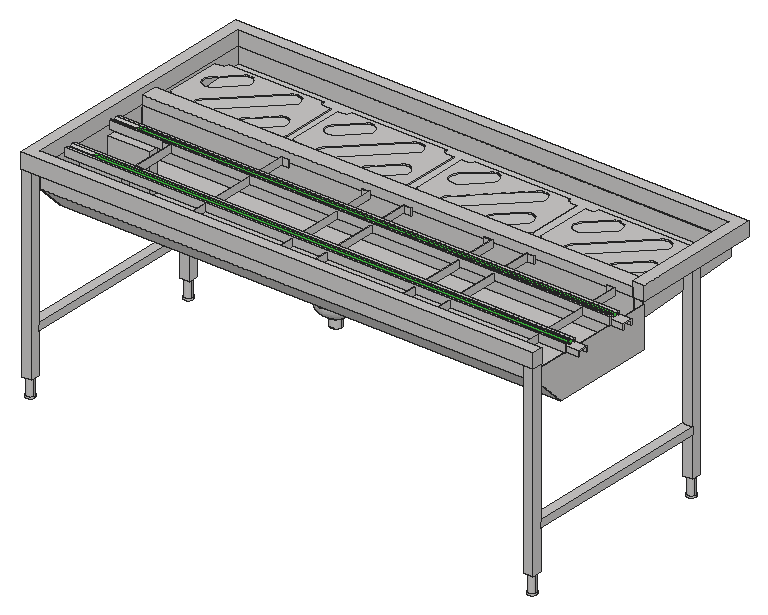
Revit family "QF_ELECTROLUXPROFESSIONAL_865474_HSAS4RL", category Specialty Equipment, Revit 2018
Family settings
  Round Connector Dimension = Use Diameter
  Part Type = Normal
  Work Plane-Based = No
  Always vertical = Yes
  Cut with Voids When Loaded = No
  Shared = No
  Room Calculation Point = No
Parameters (values of type "QF_ELECTROLUX_865474_HSAS4RL")
  Weight = 65.00 kg
  Watts = 0 W
  Volts = 0 V
  URL Manufacturer = "http://professional.electrolux.com"
  URL = "http://professional.electrolux.com"
  Steam Supply Size = 0 mm
  Steam Supply Minimum Pressure = 0.0 Pa
  Steam Supply Maximum Pressure = 0.0 Pa
  Steam Pounds per Hour = 0
  Refrigeration Suction Line Size = 0 mm
  Refrigeration Liquid Line Size = 0 mm
  Refrigerant Compressor Remote = yes
  Manufacturer = "Electrolux"
  Phase = 0
  Model = "HSAS4RL"
  Length Actual = 2130 mm  # constant formula
  Item Number = "865474"
  Hot Water Size = 0 mm
  Height Actual = 910 mm  # constant formula
  HP = "0 HP"
  Gas Size = 0 mm
  Gas KW = 0
  Gas Input Pressure = 0 W
  Description = "AUTOMATIC SORTING TABLE, 4 BASKETS, RIGHT>LEFT, 2130 MM "
  Depth Actual = 1110 mm  # constant formula
  Cycle = 0 Hz
  Condensate Return Size = 0 mm
  Compressed Air Volume = 0.0 L/s
  Compressed Air Size = 0 mm
  Compressed Air Pressure = 0.0 Pa
  Cold Water Size = 0 mm
  Accessory = yes
Reference planes
  plane 1: z = 0
  plane 2 "RIGHT": x = 810
  plane 3: z = 910
  plane 4: z = 0
  plane 5: z = 270
  plane 6 "BACK": y = 310
  plane 7 "FRONT": y = -810
  plane 8 "LEFT": x = -1320
  plane 9 "Center": y = 0
  plane 10: x = -255
  plane 11: y = -500
  plane 12: y = -594.393
  plane 13: y = -634.393
Forms (mm)
  Extrusion 1, solid, material "QF_Finishes_Stainless Steel"
    sketch origin (0, -500, 0) x (-1, 0, 0) y (0, -1, 0)
      loop
        line (1320, -810) -> (1320, 310) -> (-810, 310) -> (-810, 265) -> (1275, 265) -> (1275, -764.81) -> (-765, -764.81) -> (-765, -265) -> (-810, -265) -> (-810, -810) -> (1320, -810)
    from 850.091 to 910
  Extrusion 2, solid, material "QF_Finishes_Stainless Steel"
    sketch origin (0, -500, 0) x (0, -1, 0) y (0, 0, 1)
      loop
        line (-267.466, 666.943) -> (162.534, 666.943) -> (266.249, 772.13) -> (266.249, 850.091) -> (265, 850.091) -> (265, 775.136) -> (161.279, 669.943) -> (-265, 669.943) -> (-265, 850.091) -> (-267.466, 850.091) -> (-267.466, 666.943)
    from -807.022 to 1275
  Revolve 3, solid, material "QF_Finishes_Stainless Steel"
    sketch origin (-255, -500.526, -194.395) x (-1, 0, 0) y (0, 0, 1)
      loop
        line (76.494, 861.337) -> (0, 861.337) -> (0, 697.377) -> (21.946, 697.377) -> (23.47, 698.838) -> (23.47, 734.749) -> (37.25, 740.749) -> (37.25, 742.336) -> (38.457, 743.987) -> (38.457, 746.476)
        arc (38.457, 746.476) -> (65.844, 763.962) -> (76.494, 794.661) r 49.516
        line (76.494, 794.661) -> (76.494, 834.985)
        arc (76.494, 834.985) -> (75.887, 836.598) -> (74.377, 837.43) r 2.49
        arc (74.377, 837.43) -> (71.083, 841.301) -> (74.39, 845.16) r 3.913
        arc (74.39, 845.16) -> (75.89, 845.987) -> (76.494, 847.59) r 2.474
        line (76.494, 847.59) -> (76.494, 861.337)
      axis (0, 861.337) -> (0, 697.377)
    angle from 0 to 360
  Extrusion 4, solid, material "QF_Finishes_Stainless Steel"
    sketch origin (0, -500, 0) x (-1, 0, 0) y (0, -1, 0)
      loop
        line (-765, -330.124) -> (1275, -330.124) -> (1275, -265) -> (-765, -265) -> (-765, -330.124)
    from 850.091 to 888.506
  Extrusion 5, solid, material "QF_Finishes_Stainless Steel"
    sketch origin (6.015, -500, -632.691) x (-1, 0, 0) y (0, -1, 0)
      loop
        line (1283.015, 266.249) -> (1283.015, -521.738) -> (1323.015, -521.738) -> (1323.015, 266.249) -> (1283.015, 266.249)
    from 872.691 to 902.691
  Extrusion 6, solid, material "QF_Finishes_Stainless Steel"
    sketch origin (809.022, -500, 0) x (0, -1, 0) y (0, 0, -1)
      loop
        line (162.534, -666.943) -> (-267.466, -666.943) -> (-267.466, -836.936) -> (265, -836.936) -> (265, -850.091) -> (266.249, -850.091) -> (266.249, -772.13) -> (162.534, -666.943)
    from 0 to -2
  Extrusion 7, solid, material "QF_Finishes_Stainless Steel"
    sketch origin (-513.978, -500.054, -628.981) x (1, 0, 0) y (0, 1, 0)
      loop
        line (1283, -266.195) -> (1323, -266.195) -> (1323, 521.792) -> (1283, 521.792) -> (1283, -266.195)
    from 869.081 to 898.981
  Extrusion 8, solid, material "QF_Finishes_Stainless Steel"
    sketch origin (-1277, -500, 0) x (0, -1, 0) y (0, 0, 1)
      loop
        line (162.534, 666.943) -> (266.249, 772.13) -> (266.249, 850.091) -> (265, 850.091) -> (-267.466, 850.091) -> (-267.466, 666.943) -> (162.534, 666.943)
    from 0 to -2
  Extrusion 9, solid, material "QF_Finishes_Stainless Steel"
    sketch origin (809.022, -500, 0) x (0, -1, 0) y (0, 0, -1)
      loop
        line (94.393, -836.936) -> (92.393, -836.936) -> (92.393, -858.936) -> (136.393, -858.936) -> (136.393, -836.936) -> (134.393, -836.936) -> (134.393, -856.936) -> (94.393, -856.936) -> (94.393, -836.936)
    from -2086.022 to 53.111
  Extrusion 10, solid, material "QF_Finishes_Stainless Steel"
    sketch origin (809.022, -500, 0) x (0, -1, 0) y (0, 0, -1)
      loop
        line (92.393, -836.936) -> (90.393, -836.936) -> (90.393, -868.936) -> (103.221, -868.936) -> (111.221, -860.936) -> (117.565, -860.936) -> (125.565, -868.936) -> (138.393, -868.936) -> (138.393, -836.936) -> (136.393, -836.936) -> (136.393, -866.936) -> (126.393, -866.936) -> (118.393, -858.936) -> (110.393, -858.936) -> (102.393, -866.936) -> (92.393, -866.936) -> (92.393, -836.936)
    from -2084.022 to 0.978
  Extrusion 11, solid, material "QF_Finishes_Stainless Steel"
    sketch origin (809.022, -270, 0) x (0, -1, 0) y (0, 0, -1)
      loop
        line (94.393, -836.936) -> (92.393, -836.936) -> (92.393, -858.936) -> (136.393, -858.936) -> (136.393, -836.936) -> (134.393, -836.936) -> (134.393, -856.936) -> (94.393, -856.936) -> (94.393, -836.936)
    from -2086.022 to 53.111
  Extrusion 12, solid, material "QF_Finishes_Stainless Steel"
    sketch origin (809.022, -270, 0) x (0, -1, 0) y (0, 0, -1)
      loop
        line (92.393, -836.936) -> (90.393, -836.936) -> (90.393, -868.936) -> (103.221, -868.936) -> (111.221, -860.936) -> (117.565, -860.936) -> (125.565, -868.936) -> (138.393, -868.936) -> (138.393, -836.936) -> (136.393, -836.936) -> (136.393, -866.936) -> (126.393, -866.936) -> (118.393, -858.936) -> (110.393, -858.936) -> (102.393, -866.936) -> (92.393, -866.936) -> (92.393, -836.936)
    from -2084.022 to 0.978
  Sweep 13, solid, material "QF_Finishes_Green"
    path origin (299.022, -390.58, 875.352) x (0, -0.0016, 0.999999) y (1, 0, 0)
      loop
        line (-6.295, 510.978) -> (-6.295, -1449.022)
        arc (-6.295, -1449.022) -> (-15.081, -1470.236) -> (-36.295, -1479.022) r 30
        line (-36.295, -1479.022) -> (-41.295, -1479.022)
    profile origin (-170, -390.569, 869.057) x (0, -0.0016, 0.999999) y (0, 0.999999, 0.0016)
      loop
        circle (-1.513, 6.483) r 6.399
  Sweep 14, solid, material "QF_Finishes_Green"
    path origin (299.022, -620.58, 875.352) x (0, -0.0016, 0.999999) y (1, 0, 0)
      loop
        line (-6.295, 510.978) -> (-6.295, -1449.022)
        arc (-6.295, -1449.022) -> (-15.081, -1470.236) -> (-36.295, -1479.022) r 30
        line (-36.295, -1479.022) -> (-41.295, -1479.022)
    profile origin (-170, -620.569, 869.057) x (0, -0.0016, 0.999999) y (0, 0.999999, 0.0016)
      loop
        circle (-1.513, 6.483) r 6.399
  Extrusion 15, solid, material "QF_Finishes_Stainless Steel"
    sketch origin (0, -500, 0) x (1, 0, 0) y (0, 1, 0)
      loop
        line (-662.58, 265) -> (-694.789, 265) -> (-694.789, -265) -> (-327.015, -265) -> (-327.015, 265) -> (-359.388, 265) -> (-359.388, 262) -> (-330.015, 262) -> (-330.015, -262) -> (-691.789, -262) -> (-691.789, 262) -> (-662.58, 262) -> (-662.58, 265)
    from 831.234 to 860.936
  Extrusion 16, solid, material "QF_Finishes_Stainless Steel"
    sketch origin (510, -500, 0) x (1, 0, 0) y (0, 1, 0)
      loop
        line (-662.58, 265) -> (-694.789, 265) -> (-694.789, -265) -> (-327.015, -265) -> (-327.015, 265) -> (-359.388, 265) -> (-359.388, 262) -> (-330.015, 262) -> (-330.015, -262) -> (-691.789, -262) -> (-691.789, 262) -> (-662.58, 262) -> (-662.58, 265)
    from 831.234 to 860.936
  Extrusion 17, solid, material "QF_Finishes_Stainless Steel"
    sketch origin (0, -500, 0) x (1, 0, 0) y (0, 1, 0)
      loop
        line (-1247.085, -53.571) -> (-1247.085, -90.393) -> (-1072.085, -90.393) -> (-1072.085, -53.571) -> (-1247.085, -53.571)
    from 669.943 to 836.936
  Extrusion 18, solid, material "QF_Finishes_Stainless Steel"
    sketch origin (0, -354.822, 0) x (1, 0, 0) y (0, 1, 0)
      loop
        line (-1247.085, -53.571) -> (-1247.085, -90.393) -> (-1072.085, -90.393) -> (-1072.085, -53.571) -> (-1247.085, -53.571)
    from 669.943 to 836.936
  Extrusion 19, solid, material "QF_Finishes_Stainless Steel"
    sketch origin (0, -500, 0) x (1, 0, 0) y (0, 1, 0)
      loop
        line (-1047.085, 91.607) -> (-1047.085, 88.607) -> (-1018.387, 88.607) -> (-1018.387, -90.393) -> (-987.085, -90.393) -> (-987.085, -87.393) -> (-1015.387, -87.393) -> (-1015.387, 91.607) -> (-1047.085, 91.607)
    from 836.936 to 868.936
  Extrusion 20, solid, material "QF_Finishes_Stainless Steel"
    sketch origin (809.022, -500, 0) x (0, -1, 0) y (0, 0, -1)
      loop
        line (-767.81, -850.091) -> (-764.81, -850.091) -> (-764.81, -784.846) -> (-270.466, -750.278) -> (-270.466, -850.091) -> (-267.466, -850.091) -> (-267.466, -747.061) -> (-767.81, -782.048) -> (-767.81, -850.091)
    from -2084.022 to -42
  Extrusion 21, solid, material "QF_Finishes_Stainless Steel"
    sketch origin (809.022, -500, 0) x (0, -1, 0) y (0, 0, -1)
      loop
        line (-767.81, -850.091) -> (-267.466, -850.091) -> (-267.466, -747.061) -> (-767.81, -782.048) -> (-767.81, -850.091)
    from -40 to -42
  Extrusion 22, solid, material "QF_Finishes_Stainless Steel"
    sketch origin (-1319.022, -500, 0) x (0, -1, 0) y (0, 0, 1)
      loop
        line (-767.81, 850.091) -> (-767.81, 782.048) -> (-267.466, 747.061) -> (-267.466, 850.091) -> (-767.81, 850.091)
    from -42.022 to -44.022
  Extrusion 23, solid, material "QF_Finishes_Stainless Steel"
    sketch origin (-5, -500, 842.5) x (1, 0, 0) y (0, 1, 0)
      loop
        line (-1220.383, 339.221) -> (-825.383, 339.221) -> (-825.383, 389.221) -> (-795.383, 389.221)
        arc (-795.383, 389.221) -> (-784.776, 393.614) -> (-780.383, 404.221) r 15
        line (-780.383, 404.221) -> (-780.383, 634.221) -> (-810.383, 634.221)
        arc (-810.383, 634.221) -> (-820.989, 638.614) -> (-825.383, 649.221) r 15
        line (-825.383, 649.221) -> (-825.383, 654.221) -> (-1220.383, 654.221) -> (-1220.383, 644.221)
        arc (-1220.383, 644.221) -> (-1223.312, 637.149) -> (-1230.383, 634.221) r 10
        line (-1230.383, 634.221) -> (-1260.383, 634.221) -> (-1260.383, 409.221)
        arc (-1260.383, 409.221) -> (-1254.525, 395.078) -> (-1240.383, 389.221) r 20
        line (-1240.383, 389.221) -> (-1220.383, 389.221) -> (-1220.383, 339.221)
      loop
        arc (-1214.7, 558.44) -> (-1214.7, 505.407) -> (-1161.667, 505.407) r 37.5
        line (-1161.667, 505.407) -> (-1085.887, 581.188)
        arc (-1085.887, 581.188) -> (-1092.336, 627.771) -> (-1138.92, 634.221) r 38.966
        line (-1138.92, 634.221) -> (-1214.7, 558.44)
      loop
        arc (-1146.92, 425.368) -> (-1146.92, 372.335) -> (-1093.887, 372.335) r 37.5
        line (-1093.887, 372.335) -> (-883.322, 582.9)
        arc (-883.322, 582.9) -> (-895.135, 629.379) -> (-943.092, 629.196) r 38.966
        line (-943.092, 629.196) -> (-1146.92, 425.368)
      loop
        arc (-956.718, 418.538) -> (-956.718, 365.505) -> (-903.685, 365.505) r 37.5
        line (-903.685, 365.505) -> (-827.905, 441.286)
        arc (-827.905, 441.286) -> (-834.354, 487.869) -> (-880.938, 494.319) r 38.966
        line (-880.938, 494.319) -> (-956.718, 418.538)
    from 0 to 3
  Extrusion 24, solid, material "QF_Finishes_Stainless Steel"
    sketch origin (505, -500, 842.5) x (1, 0, 0) y (0, 1, 0)
      loop
        line (-1220.383, 339.221) -> (-825.383, 339.221) -> (-825.383, 389.221) -> (-795.383, 389.221)
        arc (-795.383, 389.221) -> (-784.776, 393.614) -> (-780.383, 404.221) r 15
        line (-780.383, 404.221) -> (-780.383, 634.221) -> (-810.383, 634.221)
        arc (-810.383, 634.221) -> (-820.989, 638.614) -> (-825.383, 649.221) r 15
        line (-825.383, 649.221) -> (-825.383, 654.221) -> (-1220.383, 654.221) -> (-1220.383, 644.221)
        arc (-1220.383, 644.221) -> (-1223.312, 637.149) -> (-1230.383, 634.221) r 10
        line (-1230.383, 634.221) -> (-1260.383, 634.221) -> (-1260.383, 409.221)
        arc (-1260.383, 409.221) -> (-1254.525, 395.078) -> (-1240.383, 389.221) r 20
        line (-1240.383, 389.221) -> (-1220.383, 389.221) -> (-1220.383, 339.221)
      loop
        arc (-1214.7, 558.44) -> (-1214.7, 505.407) -> (-1161.667, 505.407) r 37.5
        line (-1161.667, 505.407) -> (-1085.887, 581.188)
        arc (-1085.887, 581.188) -> (-1092.336, 627.771) -> (-1138.92, 634.221) r 38.966
        line (-1138.92, 634.221) -> (-1214.7, 558.44)
      loop
        arc (-1146.92, 425.368) -> (-1146.92, 372.335) -> (-1093.887, 372.335) r 37.5
        line (-1093.887, 372.335) -> (-883.322, 582.9)
        arc (-883.322, 582.9) -> (-895.135, 629.379) -> (-943.092, 629.196) r 38.966
        line (-943.092, 629.196) -> (-1146.92, 425.368)
      loop
        arc (-956.718, 418.538) -> (-956.718, 365.505) -> (-903.685, 365.505) r 37.5
        line (-903.685, 365.505) -> (-827.905, 441.286)
        arc (-827.905, 441.286) -> (-834.354, 487.869) -> (-880.938, 494.319) r 38.966
        line (-880.938, 494.319) -> (-956.718, 418.538)
    from 0 to 3
  Extrusion 25, solid, material "QF_Finishes_Stainless Steel"
    sketch origin (1020, -500, 842.5) x (1, 0, 0) y (0, 1, 0)
      loop
        line (-1220.383, 339.221) -> (-825.383, 339.221) -> (-825.383, 389.221) -> (-795.383, 389.221)
        arc (-795.383, 389.221) -> (-784.776, 393.614) -> (-780.383, 404.221) r 15
        line (-780.383, 404.221) -> (-780.383, 634.221) -> (-810.383, 634.221)
        arc (-810.383, 634.221) -> (-820.989, 638.614) -> (-825.383, 649.221) r 15
        line (-825.383, 649.221) -> (-825.383, 654.221) -> (-1220.383, 654.221) -> (-1220.383, 644.221)
        arc (-1220.383, 644.221) -> (-1223.312, 637.149) -> (-1230.383, 634.221) r 10
        line (-1230.383, 634.221) -> (-1260.383, 634.221) -> (-1260.383, 409.221)
        arc (-1260.383, 409.221) -> (-1254.525, 395.078) -> (-1240.383, 389.221) r 20
        line (-1240.383, 389.221) -> (-1220.383, 389.221) -> (-1220.383, 339.221)
      loop
        arc (-1214.7, 558.44) -> (-1214.7, 505.407) -> (-1161.667, 505.407) r 37.5
        line (-1161.667, 505.407) -> (-1085.887, 581.188)
        arc (-1085.887, 581.188) -> (-1092.336, 627.771) -> (-1138.92, 634.221) r 38.966
        line (-1138.92, 634.221) -> (-1214.7, 558.44)
      loop
        arc (-1146.92, 425.368) -> (-1146.92, 372.335) -> (-1093.887, 372.335) r 37.5
        line (-1093.887, 372.335) -> (-883.322, 582.9)
        arc (-883.322, 582.9) -> (-895.135, 629.379) -> (-943.092, 629.196) r 38.966
        line (-943.092, 629.196) -> (-1146.92, 425.368)
      loop
        arc (-956.718, 418.538) -> (-956.718, 365.505) -> (-903.685, 365.505) r 37.5
        line (-903.685, 365.505) -> (-827.905, 441.286)
        arc (-827.905, 441.286) -> (-834.354, 487.869) -> (-880.938, 494.319) r 38.966
        line (-880.938, 494.319) -> (-956.718, 418.538)
    from 0 to 3
  Extrusion 26, solid, material "QF_Finishes_Stainless Steel"
    sketch origin (1020, -500, 0) x (1, 0, 0) y (0, 1, 0)
      loop
        line (-662.58, 265) -> (-694.789, 265) -> (-694.789, -265) -> (-327.015, -265) -> (-327.015, 265) -> (-359.388, 265) -> (-359.388, 262) -> (-330.015, 262) -> (-330.015, -262) -> (-691.789, -262) -> (-691.789, 262) -> (-662.58, 262) -> (-662.58, 265)
    from 831.234 to 860.936
  Extrusion 27, solid, material "QF_Finishes_Stainless Steel"
    sketch origin (1535, -500, 842.5) x (1, 0, 0) y (0, 1, 0)
      loop
        line (-1220.383, 339.221) -> (-825.383, 339.221) -> (-825.383, 389.221) -> (-795.383, 389.221)
        arc (-795.383, 389.221) -> (-784.776, 393.614) -> (-780.383, 404.221) r 15
        line (-780.383, 404.221) -> (-780.383, 634.221) -> (-810.383, 634.221)
        arc (-810.383, 634.221) -> (-820.989, 638.614) -> (-825.383, 649.221) r 15
        line (-825.383, 649.221) -> (-825.383, 654.221) -> (-1220.383, 654.221) -> (-1220.383, 644.221)
        arc (-1220.383, 644.221) -> (-1223.312, 637.149) -> (-1230.383, 634.221) r 10
        line (-1230.383, 634.221) -> (-1260.383, 634.221) -> (-1260.383, 409.221)
        arc (-1260.383, 409.221) -> (-1254.525, 395.078) -> (-1240.383, 389.221) r 20
        line (-1240.383, 389.221) -> (-1220.383, 389.221) -> (-1220.383, 339.221)
      loop
        arc (-1214.7, 558.44) -> (-1214.7, 505.407) -> (-1161.667, 505.407) r 37.5
        line (-1161.667, 505.407) -> (-1085.887, 581.188)
        arc (-1085.887, 581.188) -> (-1092.336, 627.771) -> (-1138.92, 634.221) r 38.966
        line (-1138.92, 634.221) -> (-1214.7, 558.44)
      loop
        arc (-1146.92, 425.368) -> (-1146.92, 372.335) -> (-1093.887, 372.335) r 37.5
        line (-1093.887, 372.335) -> (-883.322, 582.9)
        arc (-883.322, 582.9) -> (-895.135, 629.379) -> (-943.092, 629.196) r 38.966
        line (-943.092, 629.196) -> (-1146.92, 425.368)
      loop
        arc (-956.718, 418.538) -> (-956.718, 365.505) -> (-903.685, 365.505) r 37.5
        line (-903.685, 365.505) -> (-827.905, 441.286)
        arc (-827.905, 441.286) -> (-834.354, 487.869) -> (-880.938, 494.319) r 38.966
        line (-880.938, 494.319) -> (-956.718, 418.538)
    from 0 to 3
Lines and regions (mm)
  Split face 1
    outline origin (-1020, -661.279, 669.943) x (1, 0, 0) y (0, 1, 0)
      loop
        circle (765, 161.279) r 76.496
  Split face 2
    outline origin (-1020, -661.279, 669.943) x (1, 0, 0) y (0, 1, 0)
      loop
        circle (765, 161.279) r 56.496
  Split face 3
    outline origin (-1020, -661.279, 669.943) x (1, 0, 0) y (0, 1, 0)
      loop
        circle (765, 161.279) r 36.496
  Split face 4
    outline origin (-1020, -661.279, 669.943) x (1, 0, 0) y (0, 1, 0)
      loop
        circle (765, 161.279) r 16.496
  symbolic lines
    curve 1: line (-1320, -810, 0) -> (810, -810, 0)
    curve 2: line (-1320, 310, 0) -> (-1320, -810, 0)
    curve 3: line (810, 310, 0) -> (-1320, 310, 0)
    curve 4: line (810, -810, 0) -> (810, 310, 0)
    curve 5: line (-1275, -765, 0) -> (810, -765, 0)
    curve 6: line (-1275, 265, 0) -> (-1275, -765, 0)
    curve 7: line (765, 265, 0) -> (-1275, 265, 0)
    curve 8: line (-1275, -235, 0) -> (810, -235, 0)
    curve 9: line (765, -169.876, 0) -> (-1275, -169.876, 0)
    curve 10: line (765, 265, 0) -> (765, -169.876, 0)
    curve 11: line (810, -500, 0) -> (780, -500, 0)
    curve 12: arc (-178.504, -500, 0) -> (-255, -423.504, 0) -> (-331.496, -500, 0) r 76.496
    curve 13: arc (-331.496, -500, 0) -> (-255, -576.496, 0) -> (-178.504, -500, 0) r 76.496
    curve 14: arc (-271.496, -500, 0) -> (-255, -483.504, 0) -> (-238.504, -500, 0) r 16.496
    curve 15: arc (-238.504, -500, 0) -> (-255, -516.496, 0) -> (-271.496, -500, 0) r 16.496
    curve 16: line (810, -638.393, 0) -> (-1275, -638.393, 0)
    curve 17: line (-1275, -590.393, 0) -> (810, -590.393, 0)
    curve 18: line (810, -408.393, 0) -> (-1275, -408.393, 0)
    curve 19: line (-1275, -360.393, 0) -> (810, -360.393, 0)
    curve 20: line (-1275, -625.565, 0) -> (810, -625.565, 0)
    curve 21: line (-1275, -603.221, 0) -> (810, -603.221, 0)
    curve 22: line (-1275, -395.565, 0) -> (810, -395.565, 0)
    curve 23: line (-1275, -373.221, 0) -> (810, -373.221, 0)
    curve 24: line (-694.789, -765, 0) -> (-694.789, -638.393, 0)
    curve 25: line (-694.789, -590.393, 0) -> (-694.789, -408.393, 0)
    curve 26: line (-694.789, -360.393, 0) -> (-694.789, -235, 0)
    curve 27: line (-662.58, -235, 0) -> (-662.58, -238, 0)
    curve 28: line (-662.58, -238, 0) -> (-691.789, -238, 0)
    curve 29: line (-691.789, -238, 0) -> (-691.789, -360.393, 0)
    curve 30: line (-691.789, -408.393, 0) -> (-691.789, -590.393, 0)
    curve 31: line (-691.789, -638.393, 0) -> (-691.789, -762, 0)
    curve 32: line (-691.789, -762, 0) -> (-330.015, -762, 0)
    curve 33: line (-330.015, -762, 0) -> (-330.015, -638.393, 0)
    curve 34: line (-330.015, -590.393, 0) -> (-330.015, -408.393, 0)
    curve 35: line (-330.015, -360.393, 0) -> (-330.015, -238, 0)
    curve 36: line (-330.015, -238, 0) -> (-359.388, -238, 0)
    curve 37: line (-359.388, -238, 0) -> (-359.388, -235, 0)
    curve 38: line (-327.015, -235, 0) -> (-327.015, -360.393, 0)
    curve 39: line (-327.015, -590.393, 0) -> (-327.015, -408.393, 0)
    curve 40: line (-327.015, -765, 0) -> (-327.015, -638.393, 0)
    curve 41: line (-184.789, -765, 0) -> (-184.789, -638.393, 0)
    curve 42: line (-184.789, -590.393, 0) -> (-184.789, -408.393, 0)
    curve 43: line (-184.789, -360.393, 0) -> (-184.789, -235, 0)
    curve 44: line (-152.58, -235, 0) -> (-152.58, -238, 0)
    curve 45: line (-152.58, -238, 0) -> (-181.789, -238, 0)
    curve 46: line (-181.789, -238, 0) -> (-181.789, -360.393, 0)
    curve 47: line (-181.789, -408.393, 0) -> (-181.789, -590.393, 0)
    curve 48: line (-181.789, -638.393, 0) -> (-181.789, -762, 0)
    curve 49: line (-181.789, -762, 0) -> (179.985, -762, 0)
    curve 50: line (179.985, -762, 0) -> (179.985, -638.393, 0)
    curve 51: line (179.985, -590.393, 0) -> (179.985, -408.393, 0)
    curve 52: line (179.985, -360.393, 0) -> (179.985, -238, 0)
    curve 53: line (179.985, -238, 0) -> (150.612, -238, 0)
    curve 54: line (150.612, -238, 0) -> (150.612, -235, 0)
    curve 55: line (182.985, -235, 0) -> (182.985, -360.393, 0)
    curve 56: line (182.985, -590.393, 0) -> (182.985, -408.393, 0)
    curve 57: line (182.985, -765, 0) -> (182.985, -638.393, 0)
    curve 58: line (-1247.085, -590.393, 0) -> (-1247.085, -553.571, 0)
    curve 59: line (-1247.085, -553.571, 0) -> (-1072.085, -553.571, 0)
    curve 60: line (-1072.085, -553.571, 0) -> (-1072.085, -590.393, 0)
    curve 61: line (-1247.085, -408.393, 0) -> (-1247.085, -445.215, 0)
    curve 62: line (-1247.085, -445.215, 0) -> (-1072.085, -445.215, 0)
    curve 63: line (-1072.085, -445.215, 0) -> (-1072.085, -408.393, 0)
    curve 64: line (-1047.085, -408.393, 0) -> (-1047.085, -411.393, 0)
    curve 65: line (-1047.085, -411.393, 0) -> (-1018.387, -411.393, 0)
    curve 66: line (-1018.387, -411.393, 0) -> (-1018.387, -590.393, 0)
    curve 67: line (-987.085, -590.393, 0) -> (-987.085, -587.393, 0)
    curve 68: line (-987.085, -587.393, 0) -> (-1015.387, -587.393, 0)
    curve 69: line (-1015.387, -587.393, 0) -> (-1015.387, -408.393, 0)
    curve 70: line (-1225.383, 154.221, 0) -> (-830.383, 154.221, 0)
    curve 71: line (-830.383, 154.221, 0) -> (-830.383, 149.221, 0)
    curve 72: arc (-830.383, 149.221, 0) -> (-825.989, 138.614, 0) -> (-815.383, 134.221, 0) r 15
    curve 73: line (-815.383, 134.221, 0) -> (-785.383, 134.221, 0)
    curve 74: line (-785.383, 134.221, 0) -> (-785.383, -95.779, 0)
    curve 75: arc (-785.383, -95.779, 0) -> (-789.776, -106.386, 0) -> (-800.383, -110.779, 0) r 15
    curve 76: line (-800.383, -110.779, 0) -> (-830.383, -110.779, 0)
    curve 77: line (-830.383, -110.779, 0) -> (-830.383, -160.779, 0)
    curve 78: line (-830.383, -160.779, 0) -> (-1225.383, -160.779, 0)
    curve 79: line (-1225.383, -160.779, 0) -> (-1225.383, -110.779, 0)
    curve 80: line (-1225.383, -110.779, 0) -> (-1245.383, -110.779, 0)
    curve 81: arc (-1245.383, -110.779, 0) -> (-1259.525, -104.922, 0) -> (-1265.383, -90.779, 0) r 20
    curve 82: line (-1265.383, -90.779, 0) -> (-1265.383, 134.221, 0)
    curve 83: line (-1265.383, 134.221, 0) -> (-1235.383, 134.221, 0)
    curve 84: arc (-1235.383, 134.221, 0) -> (-1228.312, 137.149, 0) -> (-1225.383, 144.221, 0) r 10
    curve 85: line (-1225.383, 144.221, 0) -> (-1225.383, 154.221, 0)
    curve 86: line (-1143.92, 134.221, 0) -> (-1219.7, 58.44, 0)
    curve 87: arc (-1219.7, 58.44, 0) -> (-1219.7, 5.407, 0) -> (-1166.667, 5.407, 0) r 37.5
    curve 88: line (-1166.667, 5.407, 0) -> (-1090.887, 81.188, 0)
    curve 89: arc (-1090.887, 81.188, 0) -> (-1097.336, 127.771, 0) -> (-1143.92, 134.221, 0) r 38.966
    curve 90: line (-948.092, 129.196, 0) -> (-1151.92, -74.632, 0)
    curve 91: arc (-1151.92, -74.632, 0) -> (-1151.92, -127.665, 0) -> (-1098.887, -127.665, 0) r 37.5
    curve 92: line (-1098.887, -127.665, 0) -> (-888.322, 82.9, 0)
    curve 93: arc (-888.322, 82.9, 0) -> (-900.135, 129.379, 0) -> (-948.092, 129.196, 0) r 38.966
    curve 94: line (-885.938, -5.681, 0) -> (-961.718, -81.462, 0)
    curve 95: arc (-961.718, -81.462, 0) -> (-961.718, -134.495, 0) -> (-908.685, -134.495, 0) r 37.5
    curve 96: line (-908.685, -134.495, 0) -> (-832.905, -58.714, 0)
    curve 97: arc (-832.905, -58.714, 0) -> (-839.354, -12.131, 0) -> (-885.938, -5.681, 0) r 38.966
    curve 98: line (-755.383, -90.779, 0) -> (-755.383, 134.221, 0)
    curve 99: line (-755.383, 134.221, 0) -> (-725.383, 134.221, 0)
    curve 100: arc (-725.383, 134.221, 0) -> (-718.312, 137.149, 0) -> (-715.383, 144.221, 0) r 10
    curve 101: line (-715.383, 144.221, 0) -> (-715.383, 154.221, 0)
    curve 102: line (-715.383, 154.221, 0) -> (-320.383, 154.221, 0)
    curve 103: line (-320.383, 154.221, 0) -> (-320.383, 149.221, 0)
    curve 104: arc (-320.383, 149.221, 0) -> (-315.989, 138.614, 0) -> (-305.383, 134.221, 0) r 15
    curve 105: line (-305.383, 134.221, 0) -> (-275.383, 134.221, 0)
    curve 106: line (-275.383, 134.221, 0) -> (-275.383, -95.779, 0)
    curve 107: arc (-275.383, -95.779, 0) -> (-279.776, -106.386, 0) -> (-290.383, -110.779, 0) r 15
    curve 108: line (-290.383, -110.779, 0) -> (-320.383, -110.779, 0)
    curve 109: line (-320.383, -110.779, 0) -> (-320.383, -160.779, 0)
    curve 110: line (-320.383, -160.779, 0) -> (-715.383, -160.779, 0)
    curve 111: line (-715.383, -160.779, 0) -> (-715.383, -110.779, 0)
    curve 112: line (-715.383, -110.779, 0) -> (-735.383, -110.779, 0)
    curve 113: arc (-735.383, -110.779, 0) -> (-749.525, -104.922, 0) -> (-755.383, -90.779, 0) r 20
    curve 114: line (-656.667, 5.407, 0) -> (-580.887, 81.188, 0)
    curve 115: arc (-580.887, 81.188, 0) -> (-587.336, 127.771, 0) -> (-633.92, 134.221, 0) r 38.966
    curve 116: line (-633.92, 134.221, 0) -> (-709.7, 58.44, 0)
    curve 117: arc (-709.7, 58.44, 0) -> (-709.7, 5.407, 0) -> (-656.667, 5.407, 0) r 37.5
    curve 118: line (-438.092, 129.196, 0) -> (-641.92, -74.632, 0)
    curve 119: arc (-641.92, -74.632, 0) -> (-641.92, -127.665, 0) -> (-588.887, -127.665, 0) r 37.5
    curve 120: line (-588.887, -127.665, 0) -> (-378.322, 82.9, 0)
    curve 121: arc (-378.322, 82.9, 0) -> (-390.135, 129.379, 0) -> (-438.092, 129.196, 0) r 38.966
    curve 122: line (-375.938, -5.681, 0) -> (-451.718, -81.462, 0)
    curve 123: arc (-451.718, -81.462, 0) -> (-451.718, -134.495, 0) -> (-398.685, -134.495, 0) r 37.5
    curve 124: line (-398.685, -134.495, 0) -> (-322.905, -58.714, 0)
    curve 125: arc (-322.905, -58.714, 0) -> (-329.354, -12.131, 0) -> (-375.938, -5.681, 0) r 38.966
    curve 126: line (-240.383, -90.779, 0) -> (-240.383, 134.221, 0)
    curve 127: line (-240.383, 134.221, 0) -> (-210.383, 134.221, 0)
    curve 128: arc (-210.383, 134.221, 0) -> (-203.312, 137.149, 0) -> (-200.383, 144.221, 0) r 10
    curve 129: line (-200.383, 144.221, 0) -> (-200.383, 154.221, 0)
    curve 130: line (-200.383, 154.221, 0) -> (194.617, 154.221, 0)
    curve 131: line (194.617, 154.221, 0) -> (194.617, 149.221, 0)
    curve 132: arc (194.617, 149.221, 0) -> (199.011, 138.614, 0) -> (209.617, 134.221, 0) r 15
    curve 133: line (209.617, 134.221, 0) -> (239.617, 134.221, 0)
    curve 134: line (239.617, 134.221, 0) -> (239.617, -95.779, 0)
    curve 135: arc (239.617, -95.779, 0) -> (235.224, -106.386, 0) -> (224.617, -110.779, 0) r 15
    curve 136: line (224.617, -110.779, 0) -> (194.617, -110.779, 0)
    curve 137: line (194.617, -110.779, 0) -> (194.617, -160.779, 0)
    curve 138: line (194.617, -160.779, 0) -> (-200.383, -160.779, 0)
    curve 139: line (-200.383, -160.779, 0) -> (-200.383, -110.779, 0)
    curve 140: line (-200.383, -110.779, 0) -> (-220.383, -110.779, 0)
    curve 141: arc (-220.383, -110.779, 0) -> (-234.525, -104.922, 0) -> (-240.383, -90.779, 0) r 20
    curve 142: line (-141.667, 5.407, 0) -> (-65.887, 81.188, 0)
    curve 143: arc (-65.887, 81.188, 0) -> (-72.336, 127.771, 0) -> (-118.92, 134.221, 0) r 38.966
    curve 144: line (-118.92, 134.221, 0) -> (-194.7, 58.44, 0)
    curve 145: arc (-194.7, 58.44, 0) -> (-194.7, 5.407, 0) -> (-141.667, 5.407, 0) r 37.5
    curve 146: line (76.908, 129.196, 0) -> (-126.92, -74.632, 0)
    curve 147: arc (-126.92, -74.632, 0) -> (-126.92, -127.665, 0) -> (-73.887, -127.665, 0) r 37.5
    curve 148: line (-73.887, -127.665, 0) -> (136.678, 82.9, 0)
    curve 149: arc (136.678, 82.9, 0) -> (124.865, 129.379, 0) -> (76.908, 129.196, 0) r 38.966
    curve 150: line (139.062, -5.681, 0) -> (63.282, -81.462, 0)
    curve 151: arc (63.282, -81.462, 0) -> (63.282, -134.495, 0) -> (116.315, -134.495, 0) r 37.5
    curve 152: line (116.315, -134.495, 0) -> (192.095, -58.714, 0)
    curve 153: arc (192.095, -58.714, 0) -> (185.646, -12.131, 0) -> (139.062, -5.681, 0) r 38.966
    curve 154: line (810, -636.393, 0) -> (862.133, -636.393, 0)
    curve 155: line (862.133, -636.393, 0) -> (862.133, -592.393, 0)
    curve 156: line (862.133, -592.393, 0) -> (810, -592.393, 0)
    curve 157: line (810, -406.393, 0) -> (862.133, -406.393, 0)
    curve 158: line (862.133, -406.393, 0) -> (862.133, -362.393, 0)
    curve 159: line (862.133, -362.393, 0) -> (810, -362.393, 0)
    curve 160: line (810, -607.675, 0) -> (-1165, -607.675, 0)
    curve 161: line (-1165, -620.486, 0) -> (810, -620.486, 0)
    curve 162: arc (-1165, -607.675, 0) -> (-1171.406, -614.08, 0) -> (-1165, -620.486, 0) r 6.406
    curve 163: line (810, -377.672, 0) -> (-1165, -377.672, 0)
    curve 164: line (-1165, -390.484, 0) -> (810, -390.484, 0)
    curve 165: arc (-1165, -377.672, 0) -> (-1171.406, -384.078, 0) -> (-1165, -390.484, 0) r 6.406
    curve 166: line (274.617, -90.779, 0) -> (274.617, 134.221, 0)
    curve 167: line (274.617, 134.221, 0) -> (304.617, 134.221, 0)
    curve 168: arc (304.617, 134.221, 0) -> (311.688, 137.149, 0) -> (314.617, 144.221, 0) r 10
    curve 169: line (314.617, 144.221, 0) -> (314.617, 154.221, 0)
    curve 170: line (314.617, 154.221, 0) -> (709.617, 154.221, 0)
    curve 171: line (709.617, 154.221, 0) -> (709.617, 149.221, 0)
    curve 172: arc (709.617, 149.221, 0) -> (714.011, 138.614, 0) -> (724.617, 134.221, 0) r 15
    curve 173: line (724.617, 134.221, 0) -> (754.617, 134.221, 0)
    curve 174: line (754.617, 134.221, 0) -> (754.617, -95.779, 0)
    curve 175: arc (754.617, -95.779, 0) -> (750.224, -106.386, 0) -> (739.617, -110.779, 0) r 15
    curve 176: line (739.617, -110.779, 0) -> (709.617, -110.779, 0)
    curve 177: line (709.617, -110.779, 0) -> (709.617, -160.779, 0)
    curve 178: line (709.617, -160.779, 0) -> (314.617, -160.779, 0)
    curve 179: line (314.617, -160.779, 0) -> (314.617, -110.779, 0)
    curve 180: line (314.617, -110.779, 0) -> (294.617, -110.779, 0)
    curve 181: arc (294.617, -110.779, 0) -> (280.475, -104.922, 0) -> (274.617, -90.779, 0) r 20
    curve 182: line (373.333, 5.407, 0) -> (449.113, 81.188, 0)
    curve 183: arc (449.113, 81.188, 0) -> (442.664, 127.771, 0) -> (396.08, 134.221, 0) r 38.966
    curve 184: line (396.08, 134.221, 0) -> (320.3, 58.44, 0)
    curve 185: arc (320.3, 58.44, 0) -> (320.3, 5.407, 0) -> (373.333, 5.407, 0) r 37.5
    curve 186: line (591.908, 129.196, 0) -> (388.08, -74.632, 0)
    curve 187: arc (388.08, -74.632, 0) -> (388.08, -127.665, 0) -> (441.113, -127.665, 0) r 37.5
    curve 188: line (441.113, -127.665, 0) -> (651.678, 82.9, 0)
    curve 189: arc (651.678, 82.9, 0) -> (639.865, 129.379, 0) -> (591.908, 129.196, 0) r 38.966
    curve 190: line (654.062, -5.681, 0) -> (578.282, -81.462, 0)
    curve 191: arc (578.282, -81.462, 0) -> (578.282, -134.495, 0) -> (631.315, -134.495, 0) r 37.5
    curve 192: line (631.315, -134.495, 0) -> (707.095, -58.714, 0)
    curve 193: arc (707.095, -58.714, 0) -> (700.646, -12.131, 0) -> (654.062, -5.681, 0) r 38.966
    curve 194: line (325.211, -765, 0) -> (325.211, -638.393, 0)
    curve 195: line (325.211, -590.393, 0) -> (325.211, -408.393, 0)
    curve 196: line (325.211, -360.393, 0) -> (325.211, -235, 0)
    curve 197: line (357.42, -235, 0) -> (357.42, -238, 0)
    curve 198: line (357.42, -238, 0) -> (328.211, -238, 0)
    curve 199: line (328.211, -238, 0) -> (328.211, -360.393, 0)
    curve 200: line (328.211, -408.393, 0) -> (328.211, -590.393, 0)
    curve 201: line (328.211, -638.393, 0) -> (328.211, -762, 0)
    curve 202: line (328.211, -762, 0) -> (689.985, -762, 0)
    curve 203: line (689.985, -762, 0) -> (689.985, -638.393, 0)
    curve 204: line (689.985, -590.393, 0) -> (689.985, -408.393, 0)
    curve 205: line (689.985, -360.393, 0) -> (689.985, -238, 0)
    curve 206: line (689.985, -238, 0) -> (660.612, -238, 0)
    curve 207: line (660.612, -238, 0) -> (660.612, -235, 0)
    curve 208: line (692.985, -235, 0) -> (692.985, -360.393, 0)
    curve 209: line (692.985, -590.393, 0) -> (692.985, -408.393, 0)
    curve 210: line (692.985, -765, 0) -> (692.985, -638.393, 0)
Dimensions and locks
  plane 3 to level = 910 mm
  plane 8 "LEFT" to plane 2 "RIGHT" = 2130 mm
  plane 6 "BACK" to plane 7 "FRONT" = 1120 mm
  plane 7 "FRONT" to plane 11 = 310 mm
  aligned and locked: level to plane 1
Nested families
  nested 1: "Foot_40x40" at (-1302, 41.738, 0), type "Foot_40x40"
    with A 850.091 mm
  nested 2: "Foot_40x40" at (-1297, -786.249, 0), type "Foot_40x40"
    with A 850.091 mm
  nested 3: "Foot_40x40" at (789.022, 41.738, 0) x (-1, 0, 0) z (0, 0, 1), type "Foot_40x40"
    with A 850.091 mm
  nested 4: "Foot_40x40" at (789.022, -786.249, 0) x (-1, 0, 0) z (0, 0, 1), type "Foot_40x40"
    with A 850.091 mm
Connectors
  piping at (-255, -500.526, 502.983), diameter 40
    settings: on Revolve 3, index 1, connector inside diameter 609.6 mm, connector length 0 mm, flow factor 0, pipe flow 0.0 L/s, pressure drop 0.0 Pa, fitting loss kfactor 0, connector angle 0.00°, fixture units 0, engagement length 0 mm, angle of deflection 0.00°, flow configuration 1, flow direction 2, fitting loss method 0, system type 7, joint type 0, gender type 0, connector reference index -1, connector utility 0, adjustable connector no, is connector primary yes, connector description "DRAIN"
Definition of nested family "Foot_40x40"
  Parameters
    A [instance] = 850 mm
  Reference planes
    plane 1 "Centro (Fronte/Retro)": y = 0
    plane 2: z = 0
    plane 3 "Centro (Sinistra/Destra)": x = 0
    plane 4: z = 850
  Forms (mm)
    Extrusion 1, solid
      sketch origin (0, 0, 0) x (1, 0, 0) y (0, 1, 0)
        loop
          circle (0, 0) r 18
      from 0 to 5
    Extrusion 2, solid
      sketch origin (0, 0, 5) x (1, 0, 0) y (0, 1, 0)
        loop
          circle (0, 0) r 15
      from 0 to 70
    Extrusion 3, solid
      sketch origin (0, 0, 75) x (1, 0, 0) y (0, 1, 0)
        loop
          line (-20, 20) -> (-20, -20) -> (20, -20) -> (20, 20) -> (-20, 20)
      from 0 to 775
  Dimensions and locks
    "A": plane 4 to plane 2
    aligned and locked: level to plane 2
    aligned and locked: plane 4 to Extrusion 3
    aligned and locked: Extrusion 1 to level
  Automatic sketch dimensions
    plane 1 "Centro (Fronte/Retro)" to Extrusion 1 sketch curve = 0 mm
    Extrusion 1 sketch curve to plane 3 "Centro (Sinistra/Destra)" = 0 mm
    Extrusion 3 sketch curve to Extrusion 3 sketch curve = 40 mm  (x2)
    radius of Extrusion 1 sketch curve = 18 mm
    radius of Extrusion 2 sketch curve to Extrusion 1 = 3 mm
